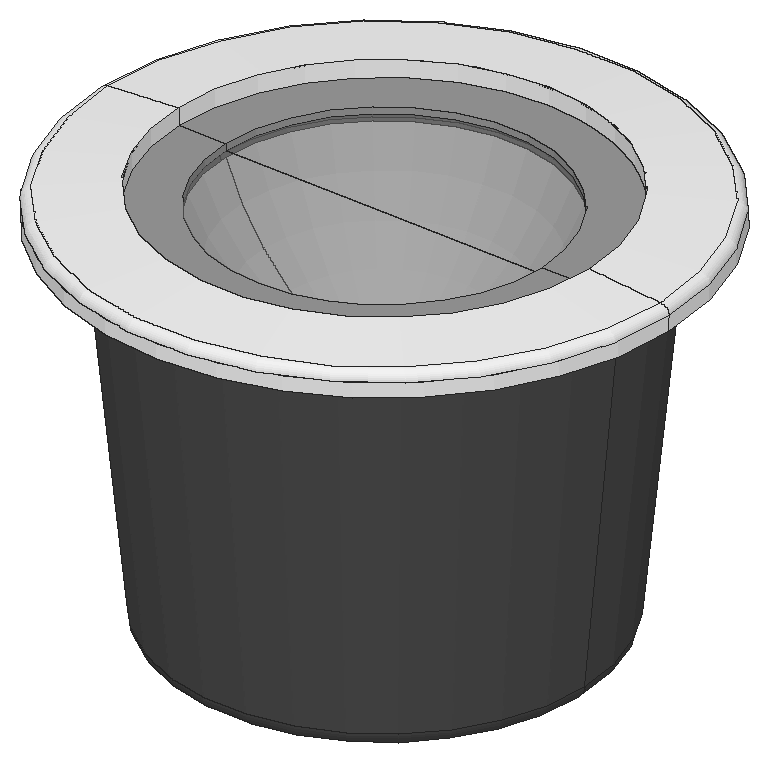
Revit family "3097111 Lighting Fixture_Sylvania_Insaver LED 75 - Round - White Bezel_Ceiling Recessed", category Lighting Fixtures, host Face, Revit 2017
Family settings
  Host = Face
  Round Connector Dimension = Use Diameter
  Part Type = Normal
  OmniClass Number = 23.80.70.11.17
  OmniClass Title = Specialized Lighting by Location or Use
  Cut with Voids When Loaded = No
  Light Source = Yes
  Shared = No
  Room Calculation Point = No
Parameters (values of type "Insaver 75 LED RS 16W WW EB WH")
  Weight = 0.4 kg  # constant formula
  Wattage = 16 W
  built-in parameter 1150110 = 1 (stored number, unit not read)
  Voltage Comments = "UNV (Universal Voltage; 230/240 Volt)"  # constant formula
  Voltage = 230 V  # constant formula
  URL = "http://www.sylvania-lighting.com"
  Transformator Marerial = Metallic Paint_Sylvania_Insaver LED 75_Black_RAL 9005
  built-in parameter 1114217 = 1 (stored number, unit not read)
  Tilt Angle = -90°
  built-in parameter 1150109 = 1 (stored number, unit not read)
  built-in parameter 1150134 = 12
  T Class Min = -1 °C
  T Class Max = -1 °C
  built-in parameter 1150113 = 1 (stored number, unit not read)
  Radius = 45.0 mm  # constant formula
  Product Page URL = "http://www.sylvania-lighting.com/product/en-int/products/3097111"
  Product Family = "Insaver LED 75 - Round - White Bezel"  # constant formula
  Photometry Comments = ""
  Photometric Web File = "3097176_InsaverLED7513WWWSTD-98563.ies"
  Life = "50 000 h"  # constant formula
  IP Rating = "IP65"  # constant formula
  Emit from Circle Diameter = Diameter - 40.0 mm  # 50.0 mm
  Electrical Protection = "Class II"  # constant formula
  Drive Current = "350 mA"  # constant formula
  Diameter = Radius * 2  # 90.0 mm
  Cutout Diameter = 75.0 mm  # constant formula
  CRI ( Ra ) = 85  # constant formula
  Beam Angle = 55°  # constant formula
  Accesory Material = Metallic Paint_Sylvania_Insaver LED 75_White_RAL 9016
  Height = 65.0 mm  # constant formula
  built-in parameter 1114216 [instance] = 1 (stored number, unit not read)
  Model = "Insaver 75 LED RS 16W WW EB WH"
  Manufacturer = "Feilo Sylvania"
  built-in parameter 1150105 = 56.023 (stored number, unit not read)
  Lumens = 704 lm
  built-in parameter 1150115 = 1 (stored number, unit not read)
  built-in parameter 1150137 = (empty or 0)
  built-in parameter 1150139 = (empty or 0)
  built-in parameter 1150112 = 1 (stored number, unit not read)
  built-in parameter 1150114 = 1 (stored number, unit not read)
  Lamp Comments = "Integrated LED"  # constant formula
  Lamp = "16W High Brightnes LED array"
  built-in parameter 1150132 = 2
  built-in parameter 1150102 = (empty or 0)
  built-in parameter 1150107 = 4000 (stored number, unit not read)
  built-in parameter 1150138 = (empty or 0)
  built-in parameter 1150106 = 0.56023 (stored number, unit not read)
  Reflector Material = Aluminium_Sylvania_Insaver LED 75_Silver
  Emit Shape Visible in Rendering = no
  built-in parameter 1150104 = 4.0877 (stored number, unit not read)
  Dimming Lamp Color Temperature Shift = <None>
  Description = "Innovative square or round design using array chip technology High colour\r\nrendering index CRI Thermal management ensures service life up to 50.000\r\nhrs Low power consumption - 16W"  # constant formula
  Default Elevation = 0.0 mm
  Color Filter = 16777215
  Catalog Number = "3097176 Insaver 75 LED RS 16W WW EB WH"
  built-in parameter 1140040 [instance] = (empty or 0)
  built-in parameter 1114218 = 1 (stored number, unit not read)
  built-in parameter 1150133 = 10 (stored number, unit not read)
  Assembly Code = "D5020200"
  Apparent Load Comments = ""
  Apparent Load = 16 VA
Types (4, lengths in mm): name | Wattage | built-in parameter 1150134 | Photometric Web File | Model | built-in parameter 1150105 | Lumens | built-in parameter 1150107 | built-in parameter 1150106 | Catalog Number
  Insaver 75 LED RS 16W WW EB WH | 16 W | 12 | "3097176_InsaverLED7513WWWSTD-98563.ies" | "Insaver 75 LED RS 16W WW EB WH" | 56.023 (stored number, unit not read) | 704 lm | 4000 (stored number, unit not read) | 0.56023 (stored number, unit not read) | "3097176 Insaver 75 LED RS 16W WW EB WH"
  Insaver 75 LED RD HO 16W NW EB WH | 25.2273 W | 12 | "3097177_Insaver75LEDRDHO16WNWEBWH-98583.ies" | "Insaver 75 LED RD HO 16W NW EB WH" | 88.331 (stored number, unit not read) | 1110 lm | 4000 (stored number, unit not read) | 0.88331 (stored number, unit not read) | "3097177 Insaver 75 LED RD HO 16W NW EB WH"
  Insaver 75 LED RD HO 16W WW DB WH | 24.0909 W | (empty or 0) | "3097110_Insaver75LEDRDHO16WWWDBWH-98572.ies" | "Insaver 75 LED RD HO 16W WW DB WH" | 84.352 (stored number, unit not read) | 1060 lm | 3000 (stored number, unit not read) | 0.84352 (stored number, unit not read) | "3097110 Insaver 75 LED RD HO 16W WW DB WH"
  Insaver 75 LED RD HO 16W NW DB WH | 25.2273 W | 12 | "3097111_Insaver75LEDRDHO16WNWDBWH-98592.ies" | "Insaver 75 LED RD HO 16W NW DB WH" | 1400.6 (stored number, unit not read) | 1110 lm | 4000 (stored number, unit not read) | 14.006 (stored number, unit not read) | "3097111 Insaver 75 LED RD HO 16W NW DB WH"
Reference planes
  plane 1 "Center (Front/Back)": y = 0
  plane 2: z = 0
  plane 3 "Center (Left/Right)": x = 0
  plane 4: z = 0
  plane 5 "Fixture Bottom": z = 4.5
  plane 6 "Fixture Top": z = -65
  plane 7: z = 2
Forms (mm)
  Extrusion 1, void
    sketch origin (0, 0, 59) x (-1, 0, 0) y (0, -1, 0)
      loop
        circle (0, 0) r 37.5
    from -309 to 86
  Revolve 2, solid, material "Metallic Paint_Sylvania_Insaver LED 75_Black_RAL 9005" <- "Transformator Marerial", detail levels fine
    sketch origin (0, 0, 0) x (1, 0, 0) y (0, 0, 1)
      loop
        arc (26.104, 0) -> (19.919, -11.419) -> (10.298, -20.14) r 38.6
        line (10.298, -20.14) -> (0, -20.14) -> (0, -65)
        arc (0, -65) -> (15.667, -62.963) -> (30.31, -57.032) r 62
        arc (30.31, -57.032) -> (31.261, -56.188) -> (31.777, -55.026) r 3
        arc (31.777, -55.026) -> (35.691, -29.638) -> (37, -3.983) r 252
        line (37, -3.983) -> (37, 0) -> (26.104, 0)
      axis (0, -65) -> (0, 0)
    angle from 0 to 360
  Revolve 3, solid, material "Metallic Paint_Sylvania_Insaver LED 75_White_RAL 9016" <- "Accesory Material", detail levels fine
    sketch origin (0, 0, 27.453) x (1, 0, 0) y (0, 0, 1)
      loop
        line (45, -27.453) -> (45, -25.318)
        arc (45, -25.318) -> (44.613, -24.317) -> (43.654, -23.837) r 1.488
        line (43.654, -23.837) -> (32.5, -22.953) -> (32.5, -27.453) -> (45, -27.453)
      axis (0, -27.453) -> (0, -22.953)
    angle from 0 to 360
  Revolve 4, solid, material "Aluminium_Sylvania_Insaver LED 75_Silver" <- "Reflector Material", detail levels fine
    sketch origin (0, 0, 42.453) x (1, 0, 0) y (0, 0, 1)
      loop
        line (32.5, -42.453) -> (32.5, -40.453) -> (25, -40.453) -> (25, -41.453) -> (0, -41.453) -> (0, -42.453) -> (25.043, -42.453)
        arc (25.043, -42.453) -> (19.112, -53.273) -> (10, -61.593) r 37.622
        line (10, -61.593) -> (0, -61.593) -> (0, -62.593) -> (10.298, -62.593)
        arc (10.298, -62.593) -> (19.918, -53.871) -> (26.104, -42.453) r 38.624
        line (26.104, -42.453) -> (32.5, -42.453)
      axis (0, -62.593) -> (0, -40.453)
    angle from 0 to 360
  Revolve 5, solid, material "Metallic Paint_Sylvania_Insaver LED 75_White_RAL 9016" <- "Accesory Material", detail levels coarse+medium
    sketch origin (0, 0, 60) x (1, 0, 0) y (0, 0, 1)
      loop
        line (0, -55.5) -> (0, -125)
        arc (0, -125) -> (15.667, -122.963) -> (30.31, -117.032) r 62
        arc (30.31, -117.032) -> (31.261, -116.188) -> (31.777, -115.026) r 3
        arc (31.777, -115.026) -> (35.691, -89.638) -> (37, -63.983) r 252
        line (37, -63.983) -> (37, -60) -> (45, -60) -> (45, -55.5) -> (0, -55.5)
      axis (0, -125) -> (0, -55.5)
    angle from 0 to 360
Dimensions and locks
  "Height": host face to plane 6 "Fixture Top"
  "Radius": Revolve 3 sketch curve to imposter light
  locked: plane 5 "Fixture Bottom" to level at 4.5
  locked: plane 5 "Fixture Bottom" to plane 7 at 2.5
  locked: Revolve 3 sketch curve to Revolve 3 sketch curve at 12.5
  locked: Revolve 4 sketch curve to host face at 1
  "Radius": Revolve 5 sketch curve to Revolve 5 sketch curve
  locked: Revolve 5 sketch curve to Revolve 5 sketch curve at 37
  locked: Revolve 2 sketch curve to Revolve 2 sketch curve at 37
  "Cutout Diameter": diameter of Extrusion 1 sketch curve
  aligned and locked: plane 2 to host face
  aligned and locked: level to host face
  aligned and locked: plane 1 "Center (Front/Back)" to imposter light
  aligned and locked: level to Revolve 3 sketch curve
  aligned and locked: imposter light to Revolve 3 sketch curve
  aligned and locked: Revolve 2 sketch curve to level
  aligned and locked: level to Revolve 4 sketch curve  (x2)
  aligned and locked: plane 7 to Revolve 4 sketch curve
  aligned and locked: plane 6 "Fixture Top" to Revolve 5 sketch curve
  aligned and locked: plane 5 "Fixture Bottom" to Revolve 5 sketch curve
  aligned and locked: Revolve 5 sketch curve to Revolve 5 sketch curve
  aligned and locked: plane 6 "Fixture Top" to Revolve 2 sketch curve
  aligned and locked: plane 5 "Fixture Bottom" to imposter light
Automatic sketch dimensions
  host sketch curve to host sketch curve = 1305.563 mm
  host sketch curve to host sketch curve = 1283.632 mm
  Revolve 4 sketch curve to Revolve 4 sketch curve = 0.0 mm  (x2)
  Revolve 4 sketch curve to plane 3 "Center (Left/Right)" = 0.0 mm  (x3)
  Revolve 4 sketch curve to level = 20.14 mm
  Revolve 4 sketch curve to Revolve 4 sketch curve = 10.0 mm
  Revolve 4 sketch curve to Revolve 4 sketch curve = 0.298 mm
  plane 3 "Center (Left/Right)" to Revolve 4 sketch curve = 25.0 mm
  Revolve 4 sketch curve to Revolve 4 sketch curve = 0.043 mm
  Revolve 4 sketch curve to Revolve 4 sketch curve = 1.06 mm
  Revolve 4 sketch curve to Revolve 4 sketch curve = 6.396 mm
  plane 5 "Fixture Bottom" to Revolve 4 sketch curve = 7.927 mm
  Revolve 4 sketch curve to plane 6 "Fixture Top" = 195.546 mm
  Revolve 4 sketch curve to Revolve 4 sketch curve = 337.219 mm
  Revolve 2 sketch curve to plane 3 "Center (Left/Right)" = 0.0 mm  (x2)
  Revolve 2 sketch curve to level = 20.14 mm
  plane 3 "Center (Left/Right)" to Revolve 2 sketch curve = 10.298 mm
  Revolve 2 sketch curve to Revolve 2 sketch curve = 10.896 mm
  plane 5 "Fixture Bottom" to Revolve 2 sketch curve = 7.911 mm
  Revolve 2 sketch curve to plane 6 "Fixture Top" = 237.999 mm
  Revolve 2 sketch curve to Revolve 2 sketch curve = 294.19 mm
  Revolve 2 sketch curve to level = 3.983 mm
  Revolve 2 sketch curve to plane 3 "Center (Left/Right)" = 0.096 mm
  plane 6 "Fixture Top" to Revolve 2 sketch curve = 10.582 mm
  plane 3 "Center (Left/Right)" to Revolve 2 sketch curve = 28.839 mm
  Revolve 2 sketch curve to Revolve 2 sketch curve = 1.471 mm
  Revolve 2 sketch curve to Revolve 2 sketch curve = 0.0 mm  (x2)
  plane 1 "Center (Front/Back)" to Extrusion 1 sketch curve = 0.0 mm
  Extrusion 1 sketch curve to plane 3 "Center (Left/Right)" = 0.0 mm
  Revolve 3 sketch curve to plane 3 "Center (Left/Right)" = 0.0 mm
  plane 7 to Revolve 3 sketch curve = 0.135 mm
  Revolve 3 sketch curve to Revolve 3 sketch curve = 1.488 mm
  Revolve 3 sketch curve to plane 5 "Fixture Bottom" = 0.884 mm
  Revolve 3 sketch curve to plane 6 "Fixture Top" = 210.546 mm
  plane 5 "Fixture Bottom" to Revolve 3 sketch curve = 329.554 mm
  Revolve 5 sketch curve to plane 3 "Center (Left/Right)" = 0.0 mm
  Revolve 5 sketch curve to level = 0.0 mm
  Revolve 5 sketch curve to plane 3 "Center (Left/Right)" = 0.096 mm
  Revolve 5 sketch curve to level = 3.983 mm
  Revolve 5 sketch curve to Revolve 5 sketch curve = 214.904 mm
  plane 6 "Fixture Top" to Revolve 5 sketch curve = 10.582 mm
  plane 3 "Center (Left/Right)" to Revolve 5 sketch curve = 28.839 mm
  Revolve 5 sketch curve to level = 3.0 mm
  Revolve 5 sketch curve to Revolve 5 sketch curve = 0.0 mm
  Revolve 5 sketch curve to plane 6 "Fixture Top" = 177.999 mm
  Revolve 5 sketch curve to Revolve 5 sketch curve = 362.101 mm
Connectors
  electrical at (0, 0, -65), driven by "Voltage", driven by "Apparent Load"
    settings: index 1, voltage 230 V, apparent load 0 VA, apparent load phase1 16 VA, apparent load phase2 0 VA, apparent load phase3 0 VA, power factor 1, load classification "Lighting", number of poles 1, system type 31, power factor state 1, is connector primary yes, connector utility no, sub classification motor no, connector description ""
